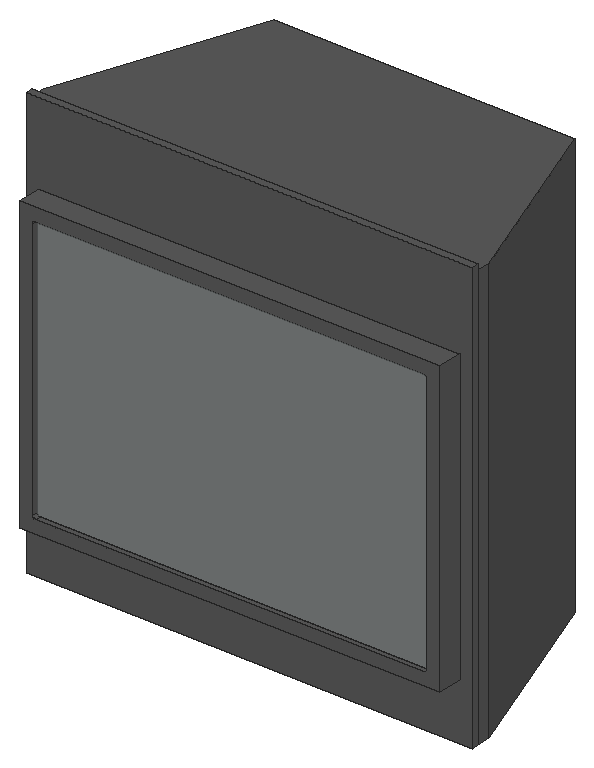
Revit family "H42VO", category Generic Models, Revit 2019
Family settings
  Can host rebar = No
  Round Connector Dimension = Use Diameter
  Part Type = Normal
  Work Plane-Based = No
  Always vertical = Yes
  Cut with Voids When Loaded = No
  Shared = No
  Room Calculation Point = No
Parameters
  Width = 12 5/16"
  URL = "https://www.montigo.com/"
  Model = ""
  Manufacturer Fax = ""
  Manufacturer Website = "https://www.montigo.com/"
  Manufacturer Phone - Toll Free = "800-378-3115"
  Manufacturer Phone = ""
  Manufacturer Address = "27342 Gloucester Way  Langley, BC, Canada   V4W 4A1"
  Manufacturer = "Montigo"
  Length = 53 7/16"
  Keynote = ""
  Glazing Tint = Glass - Montigo - Tint as Specified
  Frame Material = Metal - Montigo - Black
  Firebox Material = Metal - Montigo - White
  Fire Place Length = 50 5/16"
  Fire Place Height = 24 1/2"
  Fire Place - Opening = 16 9/16"
  Description = "Montigo Fireplace as Specified"
  Base Height = 6 9/16"
Reference planes (in)
  plane 1 "Center (Front/Back)": y = 0
  plane 2: z = 0
  plane 3 "Center (Left/Right)": x = 0
Forms (in)
  Extrusion 1, solid, material "Metal - Montigo - Black" <- "Frame Material"
    sketch origin (0, 0, 0) x (1, 0, 0) y (0, 1, 0)
      loop
        line (-20.9375, 1.31366) -> (-20.9375, 0) -> (20.9375, 0) -> (20.9375, 1.31366) -> (14.17579, 19.8913) -> (-14.17579, 19.8913) -> (-20.9375, 1.31366)
    from 0 to 40
  Extrusion 2, solid, material "Metal - Montigo - Black" <- "Frame Material"
    sketch origin (0, 0, 0) x (1, 0, 0) y (0, 1, 0)
      loop
        line (-21, 0) -> (-21, -0.624) -> (21, -0.624) -> (21, 0) -> (-21, 0)
    from 0 to 40.5358
  Extrusion 3, solid, material "Metal - Montigo - Black" <- "Frame Material"
    sketch origin (0, -0.934, 0) x (1, 0, 0) y (0, 1, 0)
      loop
        line (-19.75653, 0.31) -> (-19.75653, -2.00379) -> (19.73493, -2.00379) -> (19.73493, 0.31) -> (-19.75653, 0.31)
    from 5.31705 to 32.81705
  Extrusion 4, void
    sketch origin (42.25, -6.6875, 0) x (-1, 0, 0) y (0, 0, -1)
      loop
        arc (23.97228, -6.49982) -> (23.77819, -6.58057) -> (23.69784, -6.77482) r 0.275
        line (23.69784, -6.77482) -> (23.69784, -31.35928)
        arc (23.69784, -31.35928) -> (23.77862, -31.55397) -> (23.97351, -31.63428) r 0.275
        line (23.97351, -31.63428) -> (60.52649, -31.63428)
        arc (60.52649, -31.63428) -> (60.72129, -31.55405) -> (60.80216, -31.35951) r 0.275
        line (60.80216, -31.35951) -> (60.80216, -6.77482)
        arc (60.80216, -6.77482) -> (60.72141, -6.58017) -> (60.52659, -6.49982) r 0.275
        line (60.52659, -6.49982) -> (23.97228, -6.49982)
    from -4.2418 to 12
Cuts and joins
  Extrusion 4 cuts Extrusion 3
Lines and regions (in)
  symbolic lines
    curve 1: line (-18.625, 0, 0) -> (18.625, 0, 0)
Dimensions and locks (in)
  Extrusion 1 to Extrusion 1 = 41 7/8"
  Extrusion 1 to Extrusion 1 = 19.8913"
  Extrusion 1 to Extrusion 2 = 20.5153"
  Extrusion 2 to cut or joined group of Extrusion 3, Extrusion 4 to cut or joined group of Extrusion 3, Extrusion 4 = 7 23/32", 27 1/2"
  cut or joined group of Extrusion 3, Extrusion 4 to cut or joined group of Extrusion 3, Extrusion 4 = 39.49146"
  aligned and locked: level to plane 2
